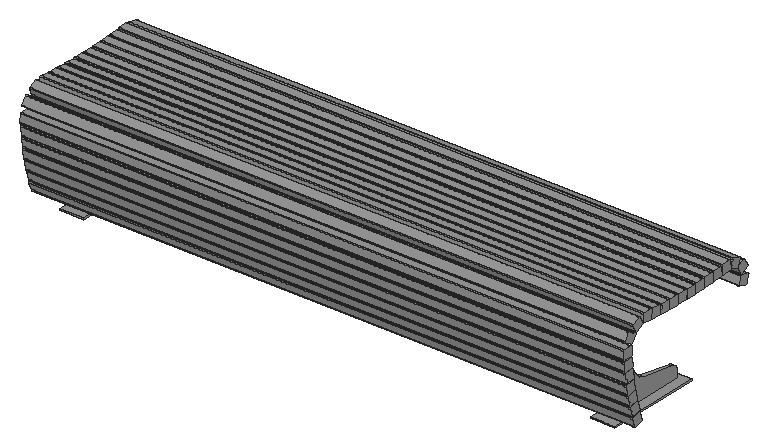
Revit family "Скамейка стальная «Пифагор» без спинки Арт 11129", category Антураж, Revit 2018
Family settings
  На основе рабочей плоскости = Нет
  Всегда вертикально = Да
  При загрузке вырезать с полостями = Нет
  Источник визуального образа = Геометрия семейства
  Общий = Нет
  Точка расчета площади = Нет
Parameters (values of type "Версия 2,5 м")
  Ширина = 653 mm  # constant formula
  Цвет отделки = Дерево
  Описание = "Сталь, дерево"  # constant formula
  Материал изделия = if([Версия 1,2 м], "Скамейка стальная «Пифагор» без спинки. Версия 1,2 м", if([Версия 1,5 м], "Скамейка стальная «Пифагор» без спинки. Версия 1,5 м", if([Версия 1,8 м], "Скамейка стальная «Пифагор» без спинки. Версия 1,8 м", if([Версия 2,0 м], "Скамейка стальная «Пифагор» без спинки. Версия 2,0 м", if([Версия 2,5 м], "Скамейка стальная «Пифагор» без спинки. Версия 2,5 м", if([Версия 3,0 м], "Скамейка стальная «Пифагор» без спинки. Версия 3,0 м", if([Версия 3,5 м], "Скамейка стальная «Пифагор» без спинки. Версия 3,5 м", if([Версия 4,0 м], "Скамейка стальная «Пифагор» без спинки. Версия 4,0 м", if([Версия 4,5 м], "Скамейка стальная «Пифагор» без спинки. Версия 4,5 м", if([Версия 5,0 м], "Скамейка стальная «Пифагор» без спинки. Версия 5,0 м", if([Версия 5,5 м], "Скамейка стальная «Пифагор» без спинки. Версия 5,5 м", "Скамейка стальная «Пифагор» без спинки. Версия 6,0 м")))))))))))  # "Скамейка стальная «Пифагор» без спинки. Версия 2,5 м"
  Изображение типоразмера = Скамейка стальная «Пифагор» без спинки Арт 11129.jpg
  Изготовитель = "ООО «Хоббика»"  # constant formula
  Длина = if([Версия 1,2 м], 1200 mm, if([Версия 1,5 м], 1500 mm, if([Версия 1,8 м], 1800 mm, if([Версия 2,0 м], 2000 mm, if([Версия 2,5 м], 2500 mm, if([Версия 3,0 м], 3000 mm, if([Версия 3,5 м], 3500 mm, if([Версия 4,0 м], 4000 mm, if([Версия 4,5 м], 4500 mm, if([Версия 5,0 м], 5000 mm, if([Версия 5,5 м], 5500 mm, 6000 mm)))))))))))  # 2500 mm
  Цвет опоры = Сталь
  Средняя опора = or([Версия 3,0 м], [Версия 3,5 м], [Версия 4,0 м], [Версия 4,5 м], [Версия 5,0 м], [Версия 5,5 м], [Версия 6,0 м])  # no
  Группа модели = "Скамейки"  # constant formula
  Высота = 451 mm  # constant formula
  Версия 6,0 м = not(or([Версия 1,2 м], [Версия 1,5 м], [Версия 1,8 м], [Версия 2,0 м], [Версия 2,5 м], [Версия 3,0 м], [Версия 3,5 м], [Версия 4,0 м], [Версия 4,5 м], [Версия 5,0 м], [Версия 5,5 м]))  # no
  Версия 5,5 м = no
  Версия 5,0 м = no
  Версия 4,5 м = no
  Версия 4,0 м = no
  Версия 3,5 м = no
  Версия 3,0 м = no
  Версия 2,5 м = yes
  Версия 2,0 м = no
  Версия 1,8 м = no
  Версия 1,5 м = no
  Версия 1,2 м = no
  Артикул товара = "Арт. 10895"  # constant formula
  URL = "https://hobbyka.ru/product/banketka_pifagor/"
Types (13, lengths in mm): name | Материал изделия | Изображение типоразмера | Длина | Средняя опора | Версия 6,0 м | Версия 5,5 м | Версия 5,0 м | Версия 4,5 м | Версия 4,0 м | Версия 3,5 м | Версия 3,0 м | Версия 2,5 м | Версия 2,0 м | Версия 1,8 м | Версия 1,5 м | Версия 1,2 м
  (no name) | "Скамейка стальная «Пифагор» без спинки. Версия 2,5 м" | Скамейка стальная «Пифагор» без спинки Арт 11129.jpg | 2500 | no | no | no | no | no | no | no | no | yes | no | no | no | no
  Версия 1,2 м | "Скамейка стальная «Пифагор» без спинки. Версия 1,2 м" | Скамейка стальная «Пифагор» без спинки Арт 11129.jpg | 1200 | no | no | no | no | no | no | no | no | no | no | no | no | yes
  Версия 1,5 м | "Скамейка стальная «Пифагор» без спинки. Версия 1,5 м" | Скамейка стальная «Пифагор» без спинки Арт 11129.jpg | 1500 | no | no | no | no | no | no | no | no | no | no | no | yes | no
  Версия 1,8 м | "Скамейка стальная «Пифагор» без спинки. Версия 1,8 м" | Скамейка стальная «Пифагор» без спинки Арт 11129.jpg | 1800 | no | no | no | no | no | no | no | no | no | no | yes | no | no
  Версия 2,0 м | "Скамейка стальная «Пифагор» без спинки. Версия 2,0 м" | Скамейка стальная «Пифагор» без спинки Арт 11129.jpg | 2000 | no | no | no | no | no | no | no | no | no | yes | no | no | no
  Версия 2,5 м | "Скамейка стальная «Пифагор» без спинки. Версия 2,5 м" | Скамейка стальная «Пифагор» без спинки Арт 11129.jpg | 2500 | no | no | no | no | no | no | no | no | yes | no | no | no | no
  Версия 3,0 м | "Скамейка стальная «Пифагор» без спинки. Версия 3,0 м" | Скамейка стальная «Пифагор» без спинки Арт 11129 три опоры.jpg | 3000 | yes | no | no | no | no | no | no | yes | no | no | no | no | no
  Версия 3,5 м | "Скамейка стальная «Пифагор» без спинки. Версия 3,5 м" | Скамейка стальная «Пифагор» без спинки Арт 11129 три опоры.jpg | 3500 | yes | no | no | no | no | no | yes | no | no | no | no | no | no
  Версия 4,0 м | "Скамейка стальная «Пифагор» без спинки. Версия 4,0 м" | Скамейка стальная «Пифагор» без спинки Арт 11129 три опоры.jpg | 4000 | yes | no | no | no | no | yes | no | no | no | no | no | no | no
  Версия 4,5 м | "Скамейка стальная «Пифагор» без спинки. Версия 4,5 м" | Скамейка стальная «Пифагор» без спинки Арт 11129 три опоры.jpg | 4500 | yes | no | no | no | yes | no | no | no | no | no | no | no | no
  Версия 5,0 м | "Скамейка стальная «Пифагор» без спинки. Версия 5,0 м" | Скамейка стальная «Пифагор» без спинки Арт 11129 три опоры.jpg | 5000 | yes | no | no | yes | no | no | no | no | no | no | no | no | no
  Версия 5,5 м | "Скамейка стальная «Пифагор» без спинки. Версия 5,5 м" | Скамейка стальная «Пифагор» без спинки Арт 11129 три опоры.jpg | 5500 | yes | no | yes | no | no | no | no | no | no | no | no | no | no
  Версия 6,0 м | "Скамейка стальная «Пифагор» без спинки. Версия 6,0 м" | Скамейка стальная «Пифагор» без спинки Арт 11129 три опоры.jpg | 6000 | yes | yes | no | no | no | no | no | no | no | no | no | no | no
Reference planes
  plane 1 "По центру (Вперед/Назад)": y = 0
  plane 2: z = 0
  plane 3 "По центру (Влево/Вправо)": x = 0
  plane 4: x = 2500
  plane 5: y = 653
  plane 6: x = 150
  plane 7: x = 2350
  plane 8: z = 451
Forms (mm)
  Extrusion 1, solid, material "Дерево" <- "Цвет отделки"
    sketch origin (0, 0, 0) x (0, 1, 0) y (0, 0, 1)
      loop
        line (100.7, 411.544) -> (135.12, 409.128)
        arc (135.12, 409.128) -> (136.935, 409.735) -> (137.789, 411.447) r 2.5
        line (137.789, 411.447) -> (140.1, 444.366)
        arc (140.1, 444.366) -> (139.493, 446.181) -> (137.781, 447.035) r 2.5
        line (137.781, 447.035) -> (103.361, 449.451)
        arc (103.361, 449.451) -> (101.546, 448.844) -> (100.692, 447.132) r 2.5
        line (100.692, 447.132) -> (98.381, 414.213)
        arc (98.381, 414.213) -> (98.988, 412.398) -> (100.7, 411.544) r 2.5
      loop
        line (145.589, 408.706) -> (180.01, 406.29)
        arc (180.01, 406.29) -> (181.824, 406.896) -> (182.678, 408.608) r 2.5
        line (182.678, 408.608) -> (184.989, 441.527)
        arc (184.989, 441.527) -> (184.383, 443.342) -> (182.67, 444.196) r 2.5
        line (182.67, 444.196) -> (148.25, 446.613)
        arc (148.25, 446.613) -> (146.435, 446.006) -> (145.581, 444.294) r 2.5
        line (145.581, 444.294) -> (143.27, 411.375)
        arc (143.27, 411.375) -> (143.877, 409.56) -> (145.589, 408.706) r 2.5
      loop
        line (190.479, 405.867) -> (224.899, 403.451)
        arc (224.899, 403.451) -> (226.714, 404.058) -> (227.568, 405.77) r 2.5
        line (227.568, 405.77) -> (229.879, 438.689)
        arc (229.879, 438.689) -> (229.272, 440.504) -> (227.56, 441.358) r 2.5
        line (227.56, 441.358) -> (193.14, 443.774)
        arc (193.14, 443.774) -> (191.325, 443.167) -> (190.471, 441.455) r 2.5
        line (190.471, 441.455) -> (188.16, 408.536)
        arc (188.16, 408.536) -> (188.767, 406.721) -> (190.479, 405.867) r 2.5
      loop
        line (236.943, 403.238) -> (271.436, 402.352)
        arc (271.436, 402.352) -> (273.222, 403.038) -> (274, 404.787) r 2.5
        line (274, 404.787) -> (274.847, 437.776)
        arc (274.847, 437.776) -> (274.161, 439.562) -> (272.412, 440.339) r 2.5
        line (272.412, 440.339) -> (237.919, 441.226)
        arc (237.919, 441.226) -> (236.133, 440.539) -> (235.355, 438.791) r 2.5
        line (235.355, 438.791) -> (234.508, 405.802)
        arc (234.508, 405.802) -> (235.194, 404.016) -> (236.943, 403.238) r 2.5
      loop
        line (281.914, 402.395) -> (316.407, 401.508)
        arc (316.407, 401.508) -> (318.193, 402.195) -> (318.971, 403.943) r 2.5
        line (318.971, 403.943) -> (319.818, 436.932)
        arc (319.818, 436.932) -> (319.132, 438.718) -> (317.383, 439.496) r 2.5
        line (317.383, 439.496) -> (282.89, 440.382)
        arc (282.89, 440.382) -> (281.104, 439.695) -> (280.326, 437.947) r 2.5
        line (280.326, 437.947) -> (279.479, 404.958)
        arc (279.479, 404.958) -> (280.166, 403.172) -> (281.914, 402.395) r 2.5
      loop
        line (328.449, 401.83) -> (362.948, 402.475)
        arc (362.948, 402.475) -> (364.701, 403.241) -> (365.4, 405.022) r 2.5
        line (365.4, 405.022) -> (364.783, 438.016)
        arc (364.783, 438.016) -> (364.018, 439.77) -> (362.237, 440.469) r 2.5
        line (362.237, 440.469) -> (327.738, 439.823)
        arc (327.738, 439.823) -> (325.984, 439.058) -> (325.285, 437.277) r 2.5
        line (325.285, 437.277) -> (325.902, 404.283)
        arc (325.902, 404.283) -> (326.667, 402.529) -> (328.449, 401.83) r 2.5
      loop
        line (373.413, 402.983) -> (407.912, 403.628)
        arc (407.912, 403.628) -> (409.666, 404.394) -> (410.365, 406.175) r 2.5
        line (410.365, 406.175) -> (409.747, 439.169)
        arc (409.747, 439.169) -> (408.982, 440.923) -> (407.201, 441.622) r 2.5
        line (407.201, 441.622) -> (372.702, 440.976)
        arc (372.702, 440.976) -> (370.948, 440.211) -> (370.249, 438.43) r 2.5
        line (370.249, 438.43) -> (370.867, 405.436)
        arc (370.867, 405.436) -> (371.632, 403.682) -> (373.413, 402.983) r 2.5
      loop
        line (419.927, 404.484) -> (454.363, 406.66)
        arc (454.363, 406.66) -> (456.081, 407.502) -> (456.701, 409.312) r 2.5
        line (456.701, 409.312) -> (454.62, 442.247)
        arc (454.62, 442.247) -> (453.777, 443.965) -> (451.967, 444.584) r 2.5
        line (451.967, 444.584) -> (417.531, 442.408)
        arc (417.531, 442.408) -> (415.813, 441.566) -> (415.193, 439.756) r 2.5
        line (415.193, 439.756) -> (417.274, 406.821)
        arc (417.274, 406.821) -> (418.116, 405.103) -> (419.927, 404.484) r 2.5
      loop
        line (464.796, 407.631) -> (499.232, 409.807)
        arc (499.232, 409.807) -> (500.95, 410.649) -> (501.57, 412.46) r 2.5
        line (501.57, 412.46) -> (499.489, 445.394)
        arc (499.489, 445.394) -> (498.646, 447.112) -> (496.836, 447.731) r 2.5
        line (496.836, 447.731) -> (462.4, 445.556)
        arc (462.4, 445.556) -> (460.682, 444.713) -> (460.062, 442.903) r 2.5
        line (460.062, 442.903) -> (462.143, 409.969)
        arc (462.143, 409.969) -> (462.985, 408.251) -> (464.796, 407.631) r 2.5
      loop
        line (511.403, 411.128) -> (545.816, 413.647)
        arc (545.816, 413.647) -> (547.525, 414.506) -> (548.126, 416.323) r 2.5
        line (548.126, 416.323) -> (545.717, 449.235)
        arc (545.717, 449.235) -> (544.858, 450.944) -> (543.042, 451.546) r 2.5
        line (543.042, 451.546) -> (508.629, 449.027)
        arc (508.629, 449.027) -> (506.919, 448.167) -> (506.318, 446.351) r 2.5
        line (506.318, 446.351) -> (508.727, 413.439)
        arc (508.727, 413.439) -> (509.586, 411.729) -> (511.403, 411.128) r 2.5
      loop
        line (550.841, 413.964) -> (584.029, 404.523)
        arc (584.029, 404.523) -> (585.93, 404.744) -> (587.118, 406.244) r 2.5
        line (587.118, 406.244) -> (596.146, 437.985)
        arc (596.146, 437.985) -> (595.926, 439.885) -> (594.426, 441.073) r 2.5
        line (594.426, 441.073) -> (561.237, 450.514)
        arc (561.237, 450.514) -> (559.337, 450.293) -> (558.149, 448.793) r 2.5
        line (558.149, 448.793) -> (549.12, 417.053)
        arc (549.12, 417.053) -> (549.341, 415.152) -> (550.841, 413.964) r 2.5
      loop
        line (586.68, 401.729) -> (603.837, 371.792)
        arc (603.837, 371.792) -> (605.351, 370.623) -> (607.249, 370.866) r 2.5
        line (607.249, 370.866) -> (635.88, 387.275)
        arc (635.88, 387.275) -> (637.05, 388.79) -> (636.806, 390.687) r 2.5
        line (636.806, 390.687) -> (619.649, 420.624)
        arc (619.649, 420.624) -> (618.134, 421.794) -> (616.237, 421.55) r 2.5
        line (616.237, 421.55) -> (587.605, 405.141)
        arc (587.605, 405.141) -> (586.436, 403.627) -> (586.68, 401.729) r 2.5
      loop
        line (603.782, 367.941) -> (595.151, 334.533)
        arc (595.151, 334.533) -> (595.418, 332.638) -> (596.947, 331.487) r 2.5
        line (596.947, 331.487) -> (628.898, 323.233)
        arc (628.898, 323.233) -> (630.792, 323.499) -> (631.943, 325.028) r 2.5
        line (631.943, 325.028) -> (640.574, 358.436)
        arc (640.574, 358.436) -> (640.308, 360.331) -> (638.779, 361.482) r 2.5
        line (638.779, 361.482) -> (606.828, 369.736)
        arc (606.828, 369.736) -> (604.933, 369.47) -> (603.782, 367.941) r 2.5
      loop
        line (62.22, 396.079) -> (93.444, 410.766)
        arc (93.444, 410.766) -> (94.732, 412.181) -> (94.642, 414.092) r 2.5
        line (94.642, 414.092) -> (80.596, 443.954)
        arc (80.596, 443.954) -> (79.181, 445.242) -> (77.27, 445.152) r 2.5
        line (77.27, 445.152) -> (46.046, 430.465)
        arc (46.046, 430.465) -> (44.758, 429.05) -> (44.848, 427.139) r 2.5
        line (44.848, 427.139) -> (58.894, 397.277)
        arc (58.894, 397.277) -> (60.309, 395.989) -> (62.22, 396.079) r 2.5
      loop
        line (38.294, 362.693) -> (56.307, 392.123)
        arc (56.307, 392.123) -> (56.605, 394.013) -> (55.479, 395.56) r 2.5
        line (55.479, 395.56) -> (27.333, 412.787)
        arc (27.333, 412.787) -> (25.443, 413.085) -> (23.895, 411.96) r 2.5
        line (23.895, 411.96) -> (5.883, 382.53)
        arc (5.883, 382.53) -> (5.585, 380.64) -> (6.71, 379.092) r 2.5
        line (6.71, 379.092) -> (34.857, 361.865)
        arc (34.857, 361.865) -> (36.747, 361.567) -> (38.294, 362.693) r 2.5
      loop
        line (35.406, 319.775) -> (36.05, 354.274)
        arc (36.05, 354.274) -> (35.351, 356.055) -> (33.597, 356.821) r 2.5
        line (33.597, 356.821) -> (0.603, 357.437)
        arc (0.603, 357.437) -> (-1.178, 356.737) -> (-1.944, 354.984) r 2.5
        line (-1.944, 354.984) -> (-2.588, 320.485)
        arc (-2.588, 320.485) -> (-1.889, 318.704) -> (-0.135, 317.938) r 2.5
        line (-0.135, 317.938) -> (32.859, 317.322)
        arc (32.859, 317.322) -> (34.641, 318.022) -> (35.406, 319.775) r 2.5
      loop
        line (40.677, 275.651) -> (37.341, 309.994)
        arc (37.341, 309.994) -> (36.441, 311.683) -> (34.611, 312.241) r 2.5
        line (34.611, 312.241) -> (1.765, 309.05)
        arc (1.765, 309.05) -> (0.077, 308.15) -> (-0.481, 306.32) r 2.5
        line (-0.481, 306.32) -> (2.855, 271.977)
        arc (2.855, 271.977) -> (3.755, 270.288) -> (5.585, 269.73) r 2.5
        line (5.585, 269.73) -> (38.43, 272.921)
        arc (38.43, 272.921) -> (40.119, 273.82) -> (40.677, 275.651) r 2.5
      loop
        line (46.959, 231.494) -> (42.134, 265.66)
        arc (42.134, 265.66) -> (41.162, 267.308) -> (39.309, 267.786) r 2.5
        line (39.309, 267.786) -> (6.633, 263.171)
        arc (6.633, 263.171) -> (4.985, 262.199) -> (4.507, 260.346) r 2.5
        line (4.507, 260.346) -> (9.333, 226.18)
        arc (9.333, 226.18) -> (10.305, 224.532) -> (12.158, 224.054) r 2.5
        line (12.158, 224.054) -> (44.834, 228.669)
        arc (44.834, 228.669) -> (46.482, 229.641) -> (46.959, 231.494) r 2.5
      loop
        line (55.006, 187.63) -> (48.697, 221.553)
        arc (48.697, 221.553) -> (47.653, 223.157) -> (45.782, 223.554) r 2.5
        line (45.782, 223.554) -> (13.338, 217.52)
        arc (13.338, 217.52) -> (11.734, 216.476) -> (11.337, 214.605) r 2.5
        line (11.337, 214.605) -> (17.647, 180.681)
        arc (17.647, 180.681) -> (18.69, 179.077) -> (20.562, 178.681) r 2.5
        line (20.562, 178.681) -> (53.005, 184.715)
        arc (53.005, 184.715) -> (54.609, 185.758) -> (55.006, 187.63) r 2.5
      loop
        line (65.104, 144.187) -> (57.326, 177.804)
        arc (57.326, 177.804) -> (56.215, 179.361) -> (54.327, 179.676) r 2.5
        line (54.327, 179.676) -> (22.177, 172.237)
        arc (22.177, 172.237) -> (20.619, 171.125) -> (20.304, 169.238) r 2.5
        line (20.304, 169.238) -> (28.082, 135.621)
        arc (28.082, 135.621) -> (29.194, 134.064) -> (31.082, 133.749) r 2.5
        line (31.082, 133.749) -> (63.232, 141.188)
        arc (63.232, 141.188) -> (64.789, 142.3) -> (65.104, 144.187) r 2.5
      loop
        line (76.935, 101.189) -> (67.699, 134.435)
        arc (67.699, 134.435) -> (66.521, 135.942) -> (64.621, 136.174) r 2.5
        line (64.621, 136.174) -> (32.825, 127.342)
        arc (32.825, 127.342) -> (31.318, 126.163) -> (31.086, 124.264) r 2.5
        line (31.086, 124.264) -> (40.321, 91.018)
        arc (40.321, 91.018) -> (41.5, 89.511) -> (43.399, 89.278) r 2.5
        line (43.399, 89.278) -> (75.195, 98.111)
        arc (75.195, 98.111) -> (76.702, 99.289) -> (76.935, 101.189) r 2.5
      loop
        line (90.772, 58.788) -> (80.1, 91.601)
        arc (80.1, 91.601) -> (78.857, 93.056) -> (76.95, 93.206) r 2.5
        line (76.95, 93.206) -> (45.568, 83)
        arc (45.568, 83) -> (44.113, 81.757) -> (43.963, 79.849) r 2.5
        line (43.963, 79.849) -> (54.635, 47.036)
        arc (54.635, 47.036) -> (55.878, 45.581) -> (57.785, 45.432) r 2.5
        line (57.785, 45.432) -> (89.168, 55.638)
        arc (89.168, 55.638) -> (90.622, 56.881) -> (90.772, 58.788) r 2.5
    from 0 to 2500
Dimensions and locks
  locked: plane 3 "По центру (Влево/Вправо)" to plane 6 at 150
  locked: plane 7 to plane 4 at 150
  equal spacing: plane 6, nested 3, plane 7
  "Длина": plane 3 "По центру (Влево/Вправо)" to plane 4
  "Ширина": plane 1 "По центру (Вперед/Назад)" to plane 5
  plane 3 "По центру (Влево/Вправо)" to plane 4 = 2500 mm
  "Высота": plane 8 to level
  aligned and locked: level to plane 2
  aligned and locked: plane 6 to nested 1
  aligned and locked: plane 7 to nested 2
  aligned and locked: Extrusion 1 to plane 3 "По центру (Влево/Вправо)"
  aligned and locked: plane 4 to Extrusion 1
Automatic sketch dimensions
  plane 1 "По центру (Вперед/Назад)" to Extrusion 1 sketch curve = 2.588 mm
  plane 1 "По центру (Вперед/Назад)" to Extrusion 1 sketch curve = 1.944 mm
  plane 1 "По центру (Вперед/Назад)" to Extrusion 1 sketch curve = 0.481 mm
  plane 1 "По центру (Вперед/Назад)" to Extrusion 1 sketch curve = 0.135 mm
  plane 1 "По центру (Вперед/Назад)" to Extrusion 1 sketch curve = 0.088 mm
  Extrusion 1 sketch curve to plane 1 "По центру (Вперед/Назад)" = 0.556 mm
  Extrusion 1 sketch curve to plane 1 "По центру (Вперед/Назад)" = 0.603 mm
  Extrusion 1 sketch curve to plane 1 "По центру (Вперед/Назад)" = 1.765 mm
  Extrusion 1 sketch curve to plane 1 "По центру (Вперед/Назад)" = 2.007 mm
  Extrusion 1 sketch curve to plane 1 "По центру (Вперед/Назад)" = 2.855 mm
  Extrusion 1 sketch curve to plane 1 "По центру (Вперед/Назад)" = 4.507 mm
  Extrusion 1 sketch curve to Extrusion 1 sketch curve = 2.488 mm  (x4)
  Extrusion 1 sketch curve to Extrusion 1 sketch curve = 0.242 mm  (x5)
  Extrusion 1 sketch curve to plane 1 "По центру (Вперед/Назад)" = 5.883 mm
  Extrusion 1 sketch curve to Extrusion 1 sketch curve = 2.126 mm  (x2)
  Extrusion 1 sketch curve to Extrusion 1 sketch curve = 0.827 mm  (x2)
  Extrusion 1 sketch curve to Extrusion 1 sketch curve = 2.475 mm  (x5)
  Extrusion 1 sketch curve to Extrusion 1 sketch curve = 2.132 mm  (x5)
  Extrusion 1 sketch curve to plane 1 "По центру (Вперед/Назад)" = 9.333 mm
  Extrusion 1 sketch curve to plane 1 "По центру (Вперед/Назад)" = 11.337 mm
  Extrusion 1 sketch curve to Extrusion 1 sketch curve = 0.35 mm  (x5)
  Extrusion 1 sketch curve to Extrusion 1 sketch curve = 2.001 mm  (x2)
  Extrusion 1 sketch curve to Extrusion 1 sketch curve = 2.458 mm  (x5)
  Extrusion 1 sketch curve to plane 1 "По центру (Вперед/Назад)" = 17.647 mm
  Extrusion 1 sketch curve to Extrusion 1 sketch curve = 2.658 mm
  Extrusion 1 sketch curve to Extrusion 1 sketch curve = 0.457 mm  (x5)
  Extrusion 1 sketch curve to Extrusion 1 sketch curve = 1.872 mm  (x2)
  Extrusion 1 sketch curve to Extrusion 1 sketch curve = 2.436 mm  (x5)
  Extrusion 1 sketch curve to plane 1 "По центру (Вперед/Назад)" = 23.895 mm
  Extrusion 1 sketch curve to Extrusion 1 sketch curve = 1.305 mm  (x5)
  Extrusion 1 sketch curve to plane 1 "По центру (Вперед/Назад)" = 28.082 mm
  Extrusion 1 sketch curve to Extrusion 1 sketch curve = 0.564 mm  (x5)
  Extrusion 1 sketch curve to Extrusion 1 sketch curve = 0.004 mm
  Extrusion 1 sketch curve to Extrusion 1 sketch curve = 1.74 mm  (x2)
  Extrusion 1 sketch curve to Extrusion 1 sketch curve = 31.094 mm
  Extrusion 1 sketch curve to Extrusion 1 sketch curve = 0.047 mm  (x15)
  Extrusion 1 sketch curve to Extrusion 1 sketch curve = 2.409 mm  (x6)
  Extrusion 1 sketch curve to Extrusion 1 sketch curve = 32.994 mm  (x3)
  Extrusion 1 sketch curve to Extrusion 1 sketch curve = 1.751 mm
  Extrusion 1 sketch curve to Extrusion 1 sketch curve = 1.26 mm
  Extrusion 1 sketch curve to Extrusion 1 sketch curve = 2.5 mm  (x12)
  Extrusion 1 sketch curve to Extrusion 1 sketch curve = 32.845 mm
  Extrusion 1 sketch curve to Extrusion 1 sketch curve = 0.879 mm
  Extrusion 1 sketch curve to Extrusion 1 sketch curve = 9.235 mm
  Extrusion 1 sketch curve to Extrusion 1 sketch curve = 0.669 mm  (x5)
  Extrusion 1 sketch curve to Extrusion 1 sketch curve = 0.565 mm
  Extrusion 1 sketch curve to Extrusion 1 sketch curve = 32.676 mm
  Extrusion 1 sketch curve to Extrusion 1 sketch curve = 17.515 mm
  Extrusion 1 sketch curve to Extrusion 1 sketch curve = 1.604 mm
  Extrusion 1 sketch curve to Extrusion 1 sketch curve = 0.948 mm
  Extrusion 1 sketch curve to Extrusion 1 sketch curve = 1.198 mm  (x2)
  Extrusion 1 sketch curve to Extrusion 1 sketch curve = 2.377 mm  (x4)
  Extrusion 1 sketch curve to Extrusion 1 sketch curve = 1.064 mm  (x6)
  Extrusion 1 sketch curve to Extrusion 1 sketch curve = 32.444 mm
  Extrusion 1 sketch curve to Extrusion 1 sketch curve = 28.147 mm
  Extrusion 1 sketch curve to Extrusion 1 sketch curve = 1.322 mm
  Extrusion 1 sketch curve to Extrusion 1 sketch curve = 10.671 mm
  Extrusion 1 sketch curve to Extrusion 1 sketch curve = 0.773 mm  (x6)
  Extrusion 1 sketch curve to Extrusion 1 sketch curve = 3.415 mm
  Extrusion 1 sketch curve to Extrusion 1 sketch curve = 2.262 mm  (x4)
  Extrusion 1 sketch curve to Extrusion 1 sketch curve = 32.151 mm
  Extrusion 1 sketch curve to Extrusion 1 sketch curve = 1.389 mm
  Extrusion 1 sketch curve to Extrusion 1 sketch curve = 31.796 mm
  Extrusion 1 sketch curve to Extrusion 1 sketch curve = 1.755 mm
  Extrusion 1 sketch curve to Extrusion 1 sketch curve = 31.223 mm
  Extrusion 1 sketch curve to Extrusion 1 sketch curve = 31.382 mm
  level to Extrusion 1 sketch curve = 55.638 mm
  level to Extrusion 1 sketch curve = 58.788 mm
  Extrusion 1 sketch curve to Extrusion 1 sketch curve = 14.046 mm
  Extrusion 1 sketch curve to Extrusion 1 sketch curve = 3.739 mm
  Extrusion 1 sketch curve to Extrusion 1 sketch curve = 20.096 mm
  Extrusion 1 sketch curve to Extrusion 1 sketch curve = 2.319 mm  (x6)
  Extrusion 1 sketch curve to Extrusion 1 sketch curve = 2.494 mm  (x15)
  Extrusion 1 sketch curve to Extrusion 1 sketch curve = 0.175 mm  (x15)
  Extrusion 1 sketch curve to Extrusion 1 sketch curve = 34.42 mm  (x3)
  Extrusion 1 sketch curve to Extrusion 1 sketch curve = 2.311 mm  (x5)
  Extrusion 1 sketch curve to Extrusion 1 sketch curve = 5.482 mm  (x4)
  Extrusion 1 sketch curve to Extrusion 1 sketch curve = 6.94 mm
  Extrusion 1 sketch curve to Extrusion 1 sketch curve = 5.476 mm
  Extrusion 1 sketch curve to Extrusion 1 sketch curve = 2.435 mm  (x4)
  Extrusion 1 sketch curve to Extrusion 1 sketch curve = 2.499 mm  (x10)
  Extrusion 1 sketch curve to Extrusion 1 sketch curve = 0.064 mm  (x10)
  Extrusion 1 sketch curve to Extrusion 1 sketch curve = 34.494 mm  (x2)
  Extrusion 1 sketch curve to Extrusion 1 sketch curve = 0.848 mm  (x2)
  Extrusion 1 sketch curve to Extrusion 1 sketch curve = 5.479 mm  (x2)
  Extrusion 1 sketch curve to Extrusion 1 sketch curve = 5.467 mm
  Extrusion 1 sketch curve to Extrusion 1 sketch curve = 6.931 mm
  Extrusion 1 sketch curve to Extrusion 1 sketch curve = 2.453 mm  (x5)
  Extrusion 1 sketch curve to Extrusion 1 sketch curve = 34.499 mm  (x3)
  Extrusion 1 sketch curve to Extrusion 1 sketch curve = 0.617 mm  (x2)
  Extrusion 1 sketch curve to Extrusion 1 sketch curve = 5.466 mm  (x2)
  Extrusion 1 sketch curve to Extrusion 1 sketch curve = 5.446 mm
  Extrusion 1 sketch curve to Extrusion 1 sketch curve = 6.909 mm
  Extrusion 1 sketch curve to Extrusion 1 sketch curve = 2.337 mm  (x4)
  Extrusion 1 sketch curve to Extrusion 1 sketch curve = 0.158 mm  (x12)
  Extrusion 1 sketch curve to Extrusion 1 sketch curve = 2.495 mm  (x8)
  Extrusion 1 sketch curve to Extrusion 1 sketch curve = 34.436 mm  (x2)
  Extrusion 1 sketch curve to Extrusion 1 sketch curve = 2.081 mm  (x2)
  Extrusion 1 sketch curve to Extrusion 1 sketch curve = 5.443 mm  (x2)
  Extrusion 1 sketch curve to Extrusion 1 sketch curve = 6.829 mm
  Extrusion 1 sketch curve to Extrusion 1 sketch curve = 7.157 mm
  Extrusion 1 sketch curve to Extrusion 1 sketch curve = 2.493 mm  (x5)
  Extrusion 1 sketch curve to Extrusion 1 sketch curve = 0.182 mm  (x5)
  Extrusion 1 sketch curve to Extrusion 1 sketch curve = 34.413 mm
  Extrusion 1 sketch curve to Extrusion 1 sketch curve = 0.994 mm
  Extrusion 1 sketch curve to Extrusion 1 sketch curve = 1.721 mm
  Extrusion 1 sketch curve to Extrusion 1 sketch curve = 2.405 mm  (x5)
  Extrusion 1 sketch curve to Extrusion 1 sketch curve = 12.431 mm
  Extrusion 1 sketch curve to Extrusion 1 sketch curve = 0.684 mm  (x5)
  Extrusion 1 sketch curve to Extrusion 1 sketch curve = 33.188 mm
  Extrusion 1 sketch curve to Extrusion 1 sketch curve = 2.651 mm
  level to Extrusion 1 sketch curve = 405.141 mm
  Extrusion 1 sketch curve to Extrusion 1 sketch curve = 0.488 mm
  Extrusion 1 sketch curve to Extrusion 1 sketch curve = 1.243 mm  (x4)
  Extrusion 1 sketch curve to Extrusion 1 sketch curve = 9.029 mm
  Extrusion 1 sketch curve to Extrusion 1 sketch curve = 8.472 mm
  level to Extrusion 1 sketch curve = 331.487 mm
  Extrusion 1 sketch curve to Extrusion 1 sketch curve = 1.795 mm  (x2)
  Extrusion 1 sketch curve to Extrusion 1 sketch curve = 0.625 mm  (x5)
  Extrusion 1 sketch curve to Extrusion 1 sketch curve = 8.631 mm
  Extrusion 1 sketch curve to Extrusion 1 sketch curve = 0.055 mm
  Extrusion 1 sketch curve to Extrusion 1 sketch curve = 2.169 mm  (x4)
  Extrusion 1 sketch curve to Extrusion 1 sketch curve = 2.421 mm  (x4)
  level to Extrusion 1 sketch curve = 370.866 mm
  Extrusion 1 sketch curve to Extrusion 1 sketch curve = 0.421 mm
  Extrusion 1 sketch curve to Extrusion 1 sketch curve = 20.09 mm
  Extrusion 1 sketch curve to Extrusion 1 sketch curve = 31.951 mm
  level to Extrusion 1 sketch curve = 325.028 mm
  Extrusion 1 sketch curve to Extrusion 1 sketch curve = 28.631 mm
  Extrusion 1 sketch curve to Extrusion 1 sketch curve = 2.274 mm
  level to Extrusion 1 sketch curve = 361.482 mm
  level to Extrusion 1 sketch curve = 358.436 mm
  Extrusion 1 sketch curve to Extrusion 1 sketch curve = 10.206 mm  (x2)
  Extrusion 1 sketch curve to Extrusion 1 sketch curve = 32.813 mm
  Extrusion 1 sketch curve to Extrusion 1 sketch curve = 6.278 mm
  Extrusion 1 sketch curve to Extrusion 1 sketch curve = 4.905 mm
  Extrusion 1 sketch curve to Extrusion 1 sketch curve = 33.246 mm
  Extrusion 1 sketch curve to Extrusion 1 sketch curve = 6.407 mm
  Extrusion 1 sketch curve to Extrusion 1 sketch curve = 8.832 mm
  Extrusion 1 sketch curve to Extrusion 1 sketch curve = 5.013 mm
  Extrusion 1 sketch curve to Extrusion 1 sketch curve = 33.617 mm
  Extrusion 1 sketch curve to Extrusion 1 sketch curve = 7.439 mm
  Extrusion 1 sketch curve to Extrusion 1 sketch curve = 6.443 mm
  Extrusion 1 sketch curve to Extrusion 1 sketch curve = 5.039 mm
  Extrusion 1 sketch curve to Extrusion 1 sketch curve = 33.923 mm
  Extrusion 1 sketch curve to Extrusion 1 sketch curve = 6.034 mm
  Extrusion 1 sketch curve to Extrusion 1 sketch curve = 6.535 mm
  Extrusion 1 sketch curve to Extrusion 1 sketch curve = 5.115 mm
  Extrusion 1 sketch curve to Extrusion 1 sketch curve = 34.166 mm
  Extrusion 1 sketch curve to Extrusion 1 sketch curve = 4.615 mm
  Extrusion 1 sketch curve to Extrusion 1 sketch curve = 6.559 mm
  Extrusion 1 sketch curve to Extrusion 1 sketch curve = 2.247 mm
  Extrusion 1 sketch curve to Extrusion 1 sketch curve = 5.135 mm
  Extrusion 1 sketch curve to Extrusion 1 sketch curve = 34.343 mm
  Extrusion 1 sketch curve to Extrusion 1 sketch curve = 3.191 mm
  Extrusion 1 sketch curve to Extrusion 1 sketch curve = 5.082 mm
  Extrusion 1 sketch curve to Extrusion 1 sketch curve = 8.889 mm
  Extrusion 1 sketch curve to Extrusion 1 sketch curve = 0.616 mm
  Extrusion 1 sketch curve to Extrusion 1 sketch curve = 5.045 mm
  Extrusion 1 sketch curve to Extrusion 1 sketch curve = 3.55 mm
  Extrusion 1 sketch curve to Extrusion 1 sketch curve = 0.926 mm
  Extrusion 1 sketch curve to Extrusion 1 sketch curve = 21.656 mm
  Extrusion 1 sketch curve to Extrusion 1 sketch curve = 25.793 mm
  Extrusion 1 sketch curve to Extrusion 1 sketch curve = 29.43 mm
  Extrusion 1 sketch curve to Extrusion 1 sketch curve = 0.519 mm
  Extrusion 1 sketch curve to Extrusion 1 sketch curve = 5.429 mm
  Extrusion 1 sketch curve to Extrusion 1 sketch curve = 3.412 mm
  Extrusion 1 sketch curve to Extrusion 1 sketch curve = 0.322 mm
  Extrusion 1 sketch curve to Extrusion 1 sketch curve = 0.844 mm
  Extrusion 1 sketch curve to Extrusion 1 sketch curve = 0.043 mm
  Extrusion 1 sketch curve to Extrusion 1 sketch curve = 0.645 mm  (x2)
  Extrusion 1 sketch curve to Extrusion 1 sketch curve = 0.508 mm
  Extrusion 1 sketch curve to Extrusion 1 sketch curve = 0.886 mm
  Extrusion 1 sketch curve to Extrusion 1 sketch curve = 0.213 mm
  Extrusion 1 sketch curve to Extrusion 1 sketch curve = 0.856 mm
  Extrusion 1 sketch curve to Extrusion 1 sketch curve = 0.618 mm
  Extrusion 1 sketch curve to Extrusion 1 sketch curve = 2.416 mm  (x2)
  Extrusion 1 sketch curve to Extrusion 1 sketch curve = 1.103 mm
  Extrusion 1 sketch curve to Extrusion 1 sketch curve = 0.422 mm  (x2)
  Extrusion 1 sketch curve to Extrusion 1 sketch curve = 2.176 mm  (x2)
  Extrusion 1 sketch curve to Extrusion 1 sketch curve = 0.972 mm
  Extrusion 1 sketch curve to Extrusion 1 sketch curve = 17.227 mm
  Extrusion 1 sketch curve to Extrusion 1 sketch curve = 14.687 mm
  Extrusion 1 sketch curve to Extrusion 1 sketch curve = 1.321 mm
  Extrusion 1 sketch curve to Extrusion 1 sketch curve = 0.778 mm
  Extrusion 1 sketch curve to Extrusion 1 sketch curve = 2.519 mm
  Extrusion 1 sketch curve to Extrusion 1 sketch curve = 0.317 mm
  Extrusion 1 sketch curve to Extrusion 1 sketch curve = 16.409 mm
  Extrusion 1 sketch curve to Extrusion 1 sketch curve = 14.352 mm
  Extrusion 1 sketch curve to Extrusion 1 sketch curve = 32.989 mm  (x2)
  Extrusion 1 sketch curve to Extrusion 1 sketch curve = 0.345 mm
  Extrusion 1 sketch curve to Extrusion 1 sketch curve = 0.107 mm
  Extrusion 1 sketch curve to Extrusion 1 sketch curve = 16.434 mm
  Extrusion 1 sketch curve to Extrusion 1 sketch curve = 0.414 mm
  Extrusion 1 sketch curve to Extrusion 1 sketch curve = 32.919 mm  (x3)
  Extrusion 1 sketch curve to Extrusion 1 sketch curve = 0.037 mm
  Extrusion 1 sketch curve to Extrusion 1 sketch curve = 0.587 mm
  Extrusion 1 sketch curve to Extrusion 1 sketch curve = 0.072 mm  (x2)
  Extrusion 1 sketch curve to Extrusion 1 sketch curve = 32.934 mm  (x2)
  Extrusion 1 sketch curve to Extrusion 1 sketch curve = 29.861 mm
  Extrusion 1 sketch curve to Extrusion 1 sketch curve = 0.656 mm
  Extrusion 1 sketch curve to Extrusion 1 sketch curve = 0.957 mm
  Extrusion 1 sketch curve to Extrusion 1 sketch curve = 3.003 mm
  Extrusion 1 sketch curve to Extrusion 1 sketch curve = 31.741 mm
  Extrusion 1 sketch curve to Extrusion 1 sketch curve = 0.259 mm
Nested families
  nested 1: "Скамейка стальная «Пифагор» без спинки Арт 11129 опора" at (150, 0, 0), type "Скамейка стальная «Пифагор» без спинки Арт 11129 опора"
  nested 2: "Скамейка стальная «Пифагор» без спинки Арт 11129 опора" at (2350, 0, 0), type "Скамейка стальная «Пифагор» без спинки Арт 11129 опора"
  nested 3: "Скамейка стальная «Пифагор» без спинки Арт 11129 опора" at (1250, 0, 0), visible <- "Средняя опора", type "Скамейка стальная «Пифагор» без спинки Арт 11129 опора"
Definition of nested family "Скамейка стальная «Пифагор» без спинки Арт 11129 опора"
  Parameters (values of type "Скамейка стальная «Пифагор» без спинки Арт 11129 опора")
    Цвет основания = none
    Height = 0 mm
  Reference planes
    plane 1 "По центру (Вперед/Назад)": y = 0
    plane 2: z = 0
    plane 3 "По центру (Влево/Вправо)": x = 0
  Forms (mm)
    Extrusion 1, solid, material <- "Цвет основания"
      sketch origin (0, 0, 0) x (0, 1, 0) y (0, 0, 1)
        loop
          line (448.925, 4.839) -> (448.925, 43.382)
          arc (448.925, 43.382) -> (438.545, 54.71) -> (424.351, 60.59) r 35.493
          line (424.351, 60.59) -> (276.63, 86.637)
          arc (276.63, 86.637) -> (243.435, 105.417) -> (219.176, 134.846) r 104.641
          line (219.176, 134.846) -> (177.307, 210.379)
          arc (177.307, 210.379) -> (186.073, 252.715) -> (222.043, 276.702) r 56.963
          line (222.043, 276.702) -> (597.785, 352.435)
          arc (597.785, 352.435) -> (588.074, 393.681) -> (548.581, 409.039) r 45.501
          arc (548.581, 409.039) -> (330.63, 395.8) -> (112.498, 405.618) r 2067.742
          arc (112.498, 405.618) -> (59.845, 387.306) -> (39.629, 335.354) r 66.5
          arc (39.629, 335.354) -> (64.202, 166.887) -> (116.407, 4.839) r 1021.697
          line (116.407, 4.839) -> (448.925, 4.839)
      from -7.5 to 7.5
    Extrusion 2, solid, material <- "Цвет основания"
      sketch origin (0, 0, 0) x (0, 1, 0) y (0, 0, 1)
        loop
          line (75, 4.839) -> (75, 0) -> (473.724, 0) -> (473.724, 4.839) -> (75, 4.839)
        loop
          line (597.785, 352.435) -> (602.626, 351.183)
          arc (602.626, 351.183) -> (591.847, 396.962) -> (548.014, 414.006) r 50.501
          arc (548.014, 414.006) -> (330.59, 400.799) -> (112.986, 410.594) r 2062.742
          arc (112.986, 410.594) -> (56.374, 390.905) -> (34.639, 335.047) r 71.5
          arc (34.639, 335.047) -> (52.38, 198.023) -> (88.359, 64.623) r 1026.697
          line (88.359, 64.623) -> (93.647, 64.623)
          arc (93.647, 64.623) -> (57.452, 198.155) -> (39.629, 335.354) r 1021.697
          arc (39.629, 335.354) -> (59.845, 387.306) -> (112.498, 405.618) r 66.5
          arc (112.498, 405.618) -> (330.63, 395.8) -> (548.581, 409.039) r 2067.742
          arc (548.581, 409.039) -> (588.074, 393.681) -> (597.785, 352.435) r 45.501
      from -50 to 50
  Dimensions and locks
    aligned and locked: level to plane 2
